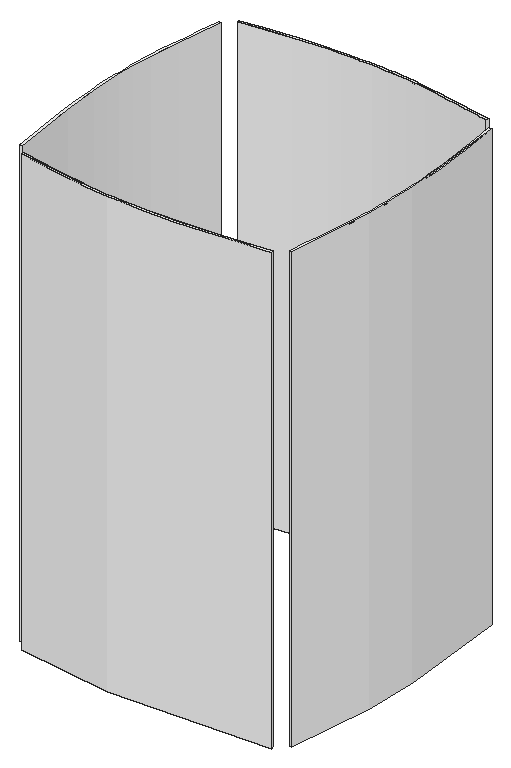
Revit family "sh-1731", category Lighting Fixtures, host Wall, Revit 2017
Family settings
  Host = Wall
  Round Connector Dimension = Use Diameter
  Part Type = Normal
  OmniClass Number = 23.80.70.00
  OmniClass Title = Lighting
  Always vertical = Yes
  Cut with Voids When Loaded = No
  Light Source = Yes
  Shared = Yes
  Room Calculation Point = No
Parameters (values of type "SH-1731(Black body-3000K-E27)")
  wattage. = 9 W
  instalation = "Wall Mounted"
  consumption current = 0.06 A
  color temperature = ""
  color rendering index(CRI) = ""
  Width = 18.461 cm
  Wattage = 9 W
  Voltage/Frequency = "230 V Ac/50HZ"
  built-in parameter 1150110 = 1 (stored number, unit not read)
  URL = "https://www.shoaco.com/fa/product/%DA%86%D8%B1%D8%A7%D8%BA-%D9%87%D8%A7%DB%8C-%D8%AD%DB%8C%D8%A7%D8%B7%DB%8C/1230-%DA%86%D8%B1%D8%A7%D8%BA-%D8%AF%DB%8C%D9%88%D8%A7%D8%B1%DB%8C-%D9%85%D8%AF%D9%84SH-1731.html"
  Type medule = ""
  built-in parameter 1114217 = 1 (stored number, unit not read)
  Tilt Angle = 90.00°
  built-in parameter 1150109 = 1 (stored number, unit not read)
  built-in parameter 1150134 = 3
  built-in parameter 1150113 = 1 (stored number, unit not read)
  Protection Class = "Class I"
  Photometric Web File = "4376_V-TAC7WLEDBulbE27A60Thermoplastic3000K_1-5117.ies"
  Model = "SH-1731"
  Manufacturer = "SHOA"
  built-in parameter 1150105 = 50.134 (stored number, unit not read)
  Lumens = 630 lm
  built-in parameter 1150115 = 1 (stored number, unit not read)
  built-in parameter 1150137 = (empty or 0)
  built-in parameter 1150139 = (empty or 0)
  built-in parameter 1150112 = 1 (stored number, unit not read)
  built-in parameter 1150114 = 1 (stored number, unit not read)
  Lamp = "E27"
  Website = "www.shoaco.com"
  built-in parameter 1150132 = (empty or 0)
  built-in parameter 1150102 = (empty or 0)
  built-in parameter 1150107 = 3200 (stored number, unit not read)
  built-in parameter 1150138 = (empty or 0)
  built-in parameter 1150106 = 0.50134 (stored number, unit not read)
  IP = "X3"
  Height = 25.366 cm
  Flicker = ""
  Emit from Circle Diameter = 60.96 cm
  Emit Shape Visible in Rendering = no
  built-in parameter 1150104 = 6.5032 (stored number, unit not read)
  Dimming Lamp Color Temperature Shift = <None>
  Diffuser Material = "Acrylic"
  Cost = 0
  Color Filter = 16777215
  Body color = Black
  Body Material = "Aluminum"
  built-in parameter 1114218 = 1 (stored number, unit not read)
  built-in parameter 1150133 = 10 (stored number, unit not read)
Reference planes (cm)
  plane 1: y = 7.5
  plane 2 "Light Source Axis (L/R)": x = 12.5
  plane 3 "Light Source Axis (F/R)": y = 17.896
  plane 4 "Light Source Elevation": z = 180
  plane 5: x = -1.928
  plane 6: x = 27.302
  plane 7: x = 3.4889
  plane 8: x = 21.9499
  plane 9: y = 38.6831
Forms (cm)
  Extrusion 1, solid, material "Light"
    sketch origin (0, -9.8425, 180) x (1, 0, 0) y (0, 1, 0)
      loop
        spline (17.9711, 45.2228) -> (16.5035, 45.4535) -> (15.4591, 45.5887) -> (14.6611, 45.6713) -> (13.9761, 45.7312) -> (13.3625, 45.7705) -> (12.79, 45.7881) -> (12.2154, 45.784) -> (11.581, 45.76) -> (10.8273, 45.7177) -> (9.8701, 45.6445) -> (8.5891, 45.5076) -> (6.8613, 45.2725)
        line (6.8613, 45.2725) -> (6.8759, 45.1736)
        spline (6.8759, 45.1736) -> (8.6012, 45.4084) -> (9.8791, 45.5449) -> (10.8336, 45.6179) -> (11.5858, 45.6601) -> (12.2178, 45.684) -> (12.7891, 45.6881) -> (13.3576, 45.6706) -> (13.9684, 45.6315) -> (14.6511, 45.5719) -> (15.4482, 45.4892) -> (16.4893, 45.3546) -> (17.9545, 45.1242)
        line (17.9545, 45.1242) -> (17.9711, 45.2228)
      loop
        line (18.4846, 44.7571) -> (18.3856, 44.7431)
        spline (18.3856, 44.7431) -> (18.6089, 43.0347) -> (18.7426, 41.7655) -> (18.8114, 40.8201) -> (18.8401, 40.0828) -> (18.8514, 39.4444) -> (18.8547, 38.8377) -> (18.8465, 38.2353) -> (18.824, 37.607) -> (18.7831, 36.9179) -> (18.7109, 36.0933) -> (18.5903, 35.0389) -> (18.4041, 33.6612)
        line (18.4041, 33.6612) -> (18.5031, 33.6471)
        spline (18.5031, 33.6471) -> (18.6895, 35.0265) -> (18.8104, 36.0832) -> (18.8829, 36.9107) -> (18.9239, 37.6023) -> (18.9465, 38.233) -> (18.9547, 38.8374) -> (18.9515, 39.445) -> (18.9398, 40.0862) -> (18.9112, 40.8255) -> (18.8422, 41.7742) -> (18.7082, 43.0465) -> (18.4846, 44.7571)
      loop
        spline (6.8986, 33.1828) -> (8.0751, 33.0082) -> (8.9991, 32.8839) -> (9.7369, 32.7999) -> (10.3548, 32.7462) -> (10.919, 32.7128) -> (11.4947, 32.6908) -> (12.1365, 32.6822) -> (12.8922, 32.6959) -> (13.8095, 32.741) -> (14.9362, 32.8268) -> (16.32, 32.9622) -> (18.0086, 33.1563)
        line (18.0086, 33.1563) -> (17.9965, 33.2556)
        spline (17.9965, 33.2556) -> (16.3094, 33.0616) -> (14.9275, 32.9264) -> (13.8032, 32.8408) -> (12.8888, 32.7959) -> (12.1363, 32.7822) -> (11.4974, 32.7905) -> (10.9237, 32.8128) -> (10.362, 32.8461) -> (9.7469, 32.8993) -> (9.0115, 32.9831) -> (8.0891, 33.1072) -> (6.9138, 33.2817)
        line (6.9138, 33.2817) -> (6.8986, 33.1828)
      loop
        line (6.435, 33.6581) -> (6.534, 33.672)
        spline (6.534, 33.672) -> (6.3037, 35.3893) -> (6.1571, 36.6456) -> (6.0729, 37.558) -> (6.0291, 38.2473) -> (6.0063, 38.8244) -> (5.9979, 39.3543) -> (6.003, 39.8829) -> (6.0221, 40.4517) -> (6.059, 41.1158) -> (6.1325, 41.9779) -> (6.265, 43.1527) -> (6.4788, 44.754)
        line (6.4788, 44.754) -> (6.3798, 44.768)
        spline (6.3798, 44.768) -> (6.1658, 43.165) -> (6.033, 41.9878) -> (5.9593, 41.1227) -> (5.9222, 40.456) -> (5.903, 39.885) -> (5.8978, 39.3543) -> (5.9065, 38.821) -> (5.9292, 38.2424) -> (5.9729, 37.5513) -> (6.0576, 36.6351) -> (6.2045, 35.3766) -> (6.435, 33.6581)
    from -13.5652 to 6.1548
Text (cm)
  text "Placement side" at (-178.7139, 111.6779, 0), in view "Ref. Level"
  text "Placement side" at (0, 211.0396, 298.6058), in view "Left"
  text "Placement side" at (0, 62.8478, 301.1967), in view "Right"
Dimensions and locks (cm)
  plane 6 to plane 5 = 29.23 cm
  "Width": plane 7 to plane 8
  plane 9 to plane 3 "Light Source Axis (F/R)" = 20.7871 cm
  "Height": free form element to free form element
  aligned and locked: plane 1 to host wall
Automatic sketch dimensions
  Extrusion 1 sketch curve to plane 7 = 2.8908 cm
  Extrusion 1 sketch curve to plane 7 = 2.9461 cm
  Extrusion 1 sketch curve to Extrusion 1 sketch curve = 0.099 cm  (x4)
  Extrusion 1 sketch curve to Extrusion 1 sketch curve = 0.3825 cm
  Extrusion 1 sketch curve to Extrusion 1 sketch curve = 0.0147 cm
  Extrusion 1 sketch curve to Extrusion 1 sketch curve = 0.3646 cm
  Extrusion 1 sketch curve to Extrusion 1 sketch curve = 0.0152 cm
  plane 8 to Extrusion 1 sketch curve = 3.9954 cm
  Extrusion 1 sketch curve to Extrusion 1 sketch curve = 0.0166 cm
  plane 8 to Extrusion 1 sketch curve = 3.9535 cm
  Extrusion 1 sketch curve to Extrusion 1 sketch curve = 0.0121 cm
  Extrusion 1 sketch curve to Extrusion 1 sketch curve = 0.431 cm
  Extrusion 1 sketch curve to Extrusion 1 sketch curve = 0.4076 cm
  Extrusion 1 sketch curve to plane 3 "Light Source Axis (F/R)" = 5.4178 cm
  Extrusion 1 sketch curve to plane 3 "Light Source Axis (F/R)" = 5.4443 cm
  Extrusion 1 sketch curve to Extrusion 1 sketch curve = 0.0993 cm
  Extrusion 1 sketch curve to Extrusion 1 sketch curve = 0.0988 cm
  Extrusion 1 sketch curve to Extrusion 1 sketch curve = 0.3915 cm
  Extrusion 1 sketch curve to Extrusion 1 sketch curve = 0.3764 cm
  Extrusion 1 sketch curve to Extrusion 1 sketch curve = 0.0142 cm
  Extrusion 1 sketch curve to Extrusion 1 sketch curve = 0.0139 cm  (x2)
  Extrusion 1 sketch curve to plane 9 = 3.7824 cm
  Extrusion 1 sketch curve to plane 9 = 3.7716 cm
  Extrusion 1 sketch curve to Extrusion 1 sketch curve = 0.014 cm
  Extrusion 1 sketch curve to Extrusion 1 sketch curve = 0.381 cm
  Extrusion 1 sketch curve to Extrusion 1 sketch curve = 0.4196 cm
  Extrusion 1 sketch curve to Extrusion 1 sketch curve = 0.0986 cm
  Extrusion 1 sketch curve to Extrusion 1 sketch curve = 0.0989 cm
Connectors (cm)
  electrical at (12.743, 19.5136, 179.6892)
    settings: on free form element, index 1, voltage 230 V, apparent load 0 VA, apparent load phase1 0 VA, apparent load phase2 0 VA, apparent load phase3 0 VA, power factor 1, load classification "Other", number of poles 1, system type 31, power factor state 1, is connector primary yes, connector utility no, sub classification motor no, connector description ""
